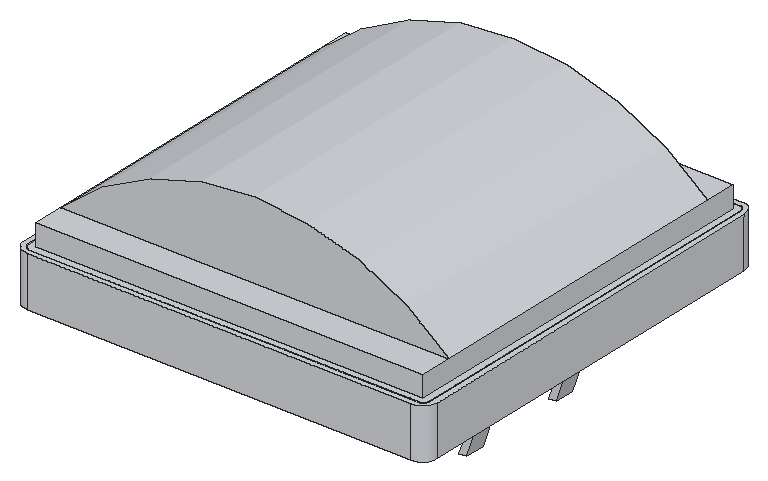
Revit family "Gira_537301", category Electrical Fixtures, host Face, Revit 2017
Family settings
  Host = Face
  Maintain Annotation Orientation = Yes
  Round Connector Dimension = Use Diameter
  Part Type = Normal
  Cut with Voids When Loaded = No
  Shared = No
  Room Calculation Point = No
Parameters (values of type "S3000 motion detec.top 1.10 m Standard System 55 cr.white")
  URL = "http://katalog.gira.de/en/datenblatt.html?artikelnr=537301"
  Name = "S3000 motion detec.top 1.10 m Standard System 55 cr.white"
  Model = "Movement sensor"
  Manufacturer URL = "https://www.gira.de/"
  Manufacturer = "Gira"
  Keynote = ""
  HeinzeBIM = "https://bimportal.heinze.de/bim/s3000-motion-detec-top-1-10-m-standard-system-55-cr-white/26d4d5a02e4f5e82d5c4e72b870cf16bca6f07e0"
  HAN = "537301"
  GTIN = "4010337049692"
  Description = "S3000 mot.det.top 1.10m Std Sys55 CW,System 3000 motion detector top unit 1.10 m Standard,System 55,cream white glossy,Features:,- Automatic switching of lighting, depending on the movement of heat and ambient brightness.,- Operation with System 3000 switching or dimming insert or 3-wire auxiliary insert.,- Expansion of the detection range in combination with the 3-wire auxiliary insert.,- Adjustable brightness threshold.,- Sensitivity adjustable in four steps.,- When connecting a System 3000 auxiliary insert with an operating top unit or mechanical button to the main unit, the lighting can be switched on or dimmed for the duration of the delay time.,With System 3000 dimming insert:,- Switch on with the last brightness set, or a saved switch-on brightness.,- The switch-on brightness can only be saved permanently via the System 3000 auxiliary insert with operating top unit.,,Notes :,- The detection range is aligned horizontally and when used outdoors may fail to identify a boundary. When installing outdoors, find an appropriate location or use the 2.20 m motion detector top unit."
  Default Elevation = 1219.2 mm
  Data sheet (1) = "https://katalog.gira.de/en/download.html?artikelnr=537301"
  Category = "Sensor element for movement sensor"
  BIM (1) = "https://media.stage.bim.site/public/gira/36a6b08/Bewegungsmelder_1,10m.rfa"
  Available = "No"
Reference planes
  plane 1 "Center (Front/Back)": y = 0
  plane 2: z = 0
  plane 3 "Center (Left/Right)": x = 0
Forms (mm)
  Extrusion 1, solid, detail levels fine
    sketch origin (0, 0, 0) x (1, 0, 0) y (0, 0, 1)
      loop
        line (-33.025, 12.126) -> (33.025, 12.126)
        arc (33.025, 12.126) -> (0, 25.3) -> (-33.025, 12.126) r 47.982
    from -27.6 to 27.6
  Extrusion 2, solid, detail levels fine
    sketch origin (0, 0, 0) x (1, 0, 0) y (0, 1, 0)
      loop
        line (33.025, 33.025) -> (-33.025, 33.025) -> (-33.025, -33.025) -> (33.025, -33.025) -> (33.025, 33.025)
    from 8.55 to 12.126
  Extrusion 3, solid, detail levels fine
    sketch origin (0, 0, 0) x (1, 0, 0) y (0, 1, 0)
      loop
        spline (-32.7, 35.2) -> (-33.027, 35.179) -> (-33.347, 35.115) -> (-33.657, 35.01) -> (-33.95, 34.865) -> (-34.222, 34.683) -> (-34.468, 34.468) -> (-34.683, 34.222) -> (-34.865, 33.95) -> (-35.01, 33.657) -> (-35.115, 33.347) -> (-35.179, 33.027) -> (-35.2, 32.7)
        line (-35.2, 32.7) -> (-35.2, -32.7)
        spline (-35.2, -32.7) -> (-35.179, -33.027) -> (-35.115, -33.347) -> (-35.01, -33.657) -> (-34.865, -33.95) -> (-34.683, -34.222) -> (-34.468, -34.468) -> (-34.222, -34.683) -> (-33.95, -34.865) -> (-33.657, -35.01) -> (-33.347, -35.115) -> (-33.027, -35.179) -> (-32.7, -35.2)
        line (-32.7, -35.2) -> (32.7, -35.2)
        spline (32.7, -35.2) -> (33.027, -35.179) -> (33.347, -35.115) -> (33.657, -35.01) -> (33.95, -34.865) -> (34.222, -34.683) -> (34.468, -34.468) -> (34.683, -34.222) -> (34.865, -33.95) -> (35.01, -33.657) -> (35.115, -33.347) -> (35.179, -33.027) -> (35.2, -32.7)
        line (35.2, -32.7) -> (35.2, 32.7)
        spline (35.2, 32.7) -> (35.179, 33.027) -> (35.115, 33.347) -> (35.01, 33.657) -> (34.865, 33.95) -> (34.683, 34.222) -> (34.468, 34.468) -> (34.222, 34.683) -> (33.95, 34.865) -> (33.657, 35.01) -> (33.347, 35.115) -> (33.027, 35.179) -> (32.7, 35.2)
        line (32.7, 35.2) -> (-32.7, 35.2)
      loop
        line (-34.2, 33.2) -> (-34.2, -33.2)
        spline (-34.2, -33.2) -> (-34.191, -33.331) -> (-34.166, -33.459) -> (-34.124, -33.583) -> (-34.066, -33.7) -> (-33.993, -33.809) -> (-33.907, -33.907) -> (-33.809, -33.993) -> (-33.7, -34.066) -> (-33.583, -34.124) -> (-33.459, -34.166) -> (-33.331, -34.191) -> (-33.2, -34.2)
        line (-33.2, -34.2) -> (33.2, -34.2)
        spline (33.2, -34.2) -> (33.331, -34.191) -> (33.459, -34.166) -> (33.583, -34.124) -> (33.7, -34.066) -> (33.809, -33.993) -> (33.907, -33.907) -> (33.993, -33.809) -> (34.066, -33.7) -> (34.124, -33.583) -> (34.166, -33.459) -> (34.191, -33.331) -> (34.2, -33.2)
        line (34.2, -33.2) -> (34.2, 33.2)
        spline (34.2, 33.2) -> (34.191, 33.331) -> (34.166, 33.459) -> (34.124, 33.583) -> (34.066, 33.7) -> (33.993, 33.809) -> (33.907, 33.907) -> (33.809, 33.993) -> (33.7, 34.066) -> (33.583, 34.124) -> (33.459, 34.166) -> (33.331, 34.191) -> (33.2, 34.2)
        line (33.2, 34.2) -> (-33.2, 34.2)
        spline (-33.2, 34.2) -> (-33.331, 34.191) -> (-33.459, 34.166) -> (-33.583, 34.124) -> (-33.7, 34.066) -> (-33.809, 33.993) -> (-33.907, 33.907) -> (-33.993, 33.809) -> (-34.066, 33.7) -> (-34.124, 33.583) -> (-34.166, 33.459) -> (-34.191, 33.331) -> (-34.2, 33.2)
    from 0 to 8.55
  Extrusion 4, solid, detail levels fine
    sketch origin (0, 0, 0) x (1, 0, 0) y (0, 1, 0)
      loop
        line (-34.2, 33.2) -> (-34.2, -33.2)
        spline (-34.2, -33.2) -> (-34.191, -33.331) -> (-34.166, -33.459) -> (-34.124, -33.583) -> (-34.066, -33.7) -> (-33.993, -33.809) -> (-33.907, -33.907) -> (-33.809, -33.993) -> (-33.7, -34.066) -> (-33.583, -34.124) -> (-33.459, -34.166) -> (-33.331, -34.191) -> (-33.2, -34.2)
        line (-33.2, -34.2) -> (33.2, -34.2)
        spline (33.2, -34.2) -> (33.331, -34.191) -> (33.459, -34.166) -> (33.583, -34.124) -> (33.7, -34.066) -> (33.809, -33.993) -> (33.907, -33.907) -> (33.993, -33.809) -> (34.066, -33.7) -> (34.124, -33.583) -> (34.166, -33.459) -> (34.191, -33.331) -> (34.2, -33.2)
        line (34.2, -33.2) -> (34.2, 33.2)
        spline (34.2, 33.2) -> (34.191, 33.331) -> (34.166, 33.459) -> (34.124, 33.583) -> (34.066, 33.7) -> (33.993, 33.809) -> (33.907, 33.907) -> (33.809, 33.993) -> (33.7, 34.066) -> (33.583, 34.124) -> (33.459, 34.166) -> (33.331, 34.191) -> (33.2, 34.2)
        line (33.2, 34.2) -> (-33.2, 34.2)
        spline (-33.2, 34.2) -> (-33.331, 34.191) -> (-33.459, 34.166) -> (-33.583, 34.124) -> (-33.7, 34.066) -> (-33.809, 33.993) -> (-33.907, 33.907) -> (-33.993, 33.809) -> (-34.066, 33.7) -> (-34.124, 33.583) -> (-34.166, 33.459) -> (-34.191, 33.331) -> (-34.2, 33.2)
    from 6.175 to 8.55
  Extrusion 5, solid, detail levels fine
    sketch origin (0, 0, 0) x (1, 0, 0) y (0, 1, 0)
      loop
        spline (-27.7, -27.1) -> (-27.696, -27.165) -> (-27.683, -27.229) -> (-27.662, -27.291) -> (-27.633, -27.35) -> (-27.597, -27.404) -> (-27.554, -27.454) -> (-27.504, -27.497) -> (-27.45, -27.533) -> (-27.391, -27.562) -> (-27.329, -27.583) -> (-27.265, -27.596) -> (-27.2, -27.6)
        line (-27.2, -27.6) -> (27.2, -27.6)
        spline (27.2, -27.6) -> (27.265, -27.596) -> (27.329, -27.583) -> (27.391, -27.562) -> (27.45, -27.533) -> (27.504, -27.497) -> (27.554, -27.454) -> (27.597, -27.404) -> (27.633, -27.35) -> (27.662, -27.291) -> (27.683, -27.229) -> (27.696, -27.165) -> (27.7, -27.1)
        line (27.7, -27.1) -> (27.7, 27.1)
        spline (27.7, 27.1) -> (27.696, 27.165) -> (27.683, 27.229) -> (27.662, 27.291) -> (27.633, 27.35) -> (27.597, 27.404) -> (27.554, 27.454) -> (27.504, 27.497) -> (27.45, 27.533) -> (27.391, 27.562) -> (27.329, 27.583) -> (27.265, 27.596) -> (27.2, 27.6)
        line (27.2, 27.6) -> (-27.2, 27.6)
        spline (-27.2, 27.6) -> (-27.265, 27.596) -> (-27.329, 27.583) -> (-27.391, 27.562) -> (-27.45, 27.533) -> (-27.504, 27.497) -> (-27.554, 27.454) -> (-27.597, 27.404) -> (-27.633, 27.35) -> (-27.662, 27.291) -> (-27.683, 27.229) -> (-27.696, 27.165) -> (-27.7, 27.1)
        line (-27.7, 27.1) -> (-27.7, -27.1)
      loop
        line (26.9, 26.8) -> (-26.9, 26.8) -> (-26.9, -26.8) -> (26.9, -26.8) -> (26.9, 26.8)
    from 0 to 6.175
  Extrusion 6, solid, detail levels fine
    sketch origin (0, 0, 0) x (1, 0, 0) y (0, 1, 0)
      loop
        line (-15.4, -23.928) -> (15.4, -23.928)
        arc (15.4, -23.928) -> (21.43, -21.43) -> (23.928, -15.4) r 8.528
        line (23.928, -15.4) -> (23.928, 15.4)
        arc (23.928, 15.4) -> (21.43, 21.43) -> (15.4, 23.928) r 8.528
        line (15.4, 23.928) -> (-15.4, 23.928)
        arc (-15.4, 23.928) -> (-21.43, 21.43) -> (-23.928, 15.4) r 8.528
        line (-23.928, 15.4) -> (-23.928, -15.4)
        arc (-23.928, -15.4) -> (-21.43, -21.43) -> (-15.4, -23.928) r 8.528
    from -0.985 to 1.6
  Extrusion 7, solid, detail levels fine
    sketch origin (0, 0, 0) x (1, 0, 0) y (0, 1, 0)
      loop
        line (-26.35, 18.301) -> (-26.35, -18.801)
        spline (-26.35, -18.801) -> (-26.286, -19.78) -> (-26.095, -20.742) -> (-25.779, -21.671) -> (-25.345, -22.551) -> (-24.8, -23.366) -> (-24.154, -24.104) -> (-23.416, -24.75) -> (-22.601, -25.295) -> (-21.721, -25.729) -> (-20.792, -26.045) -> (-19.83, -26.236) -> (-18.851, -26.3)
        line (-18.851, -26.3) -> (18.851, -26.3)
        spline (18.851, -26.3) -> (19.83, -26.236) -> (20.792, -26.045) -> (21.721, -25.729) -> (22.601, -25.295) -> (23.416, -24.75) -> (24.154, -24.104) -> (24.8, -23.366) -> (25.345, -22.551) -> (25.779, -21.671) -> (26.094, -20.742) -> (26.286, -19.78) -> (26.35, -18.801)
        line (26.35, -18.801) -> (26.35, 18.301)
        spline (26.35, 18.301) -> (26.286, 19.28) -> (26.094, 20.242) -> (25.779, 21.171) -> (25.345, 22.051) -> (24.8, 22.866) -> (24.154, 23.604) -> (23.416, 24.25) -> (22.601, 24.795) -> (21.721, 25.229) -> (20.792, 25.545) -> (19.83, 25.736) -> (18.851, 25.8)
        line (18.851, 25.8) -> (-18.851, 25.8)
        spline (-18.851, 25.8) -> (-19.83, 25.736) -> (-20.792, 25.545) -> (-21.721, 25.229) -> (-22.601, 24.795) -> (-23.416, 24.25) -> (-24.154, 23.604) -> (-24.8, 22.866) -> (-25.345, 22.051) -> (-25.779, 21.171) -> (-26.095, 20.242) -> (-26.286, 19.28) -> (-26.35, 18.301)
    from 1.6 to 6.1
  Extrusion 8, solid, detail levels fine
    sketch origin (0, 0, 0) x (1, 0, 0) y (0, 0, 1)
      loop
        line (-23.048, -13.343) -> (-21.665, -13.513) -> (-24.338, -6.363) -> (-23.36, 1.6) -> (-25.023, 1.6) -> (-24.975, -1.121) -> (-25.39, -6.541) -> (-23.048, -13.343)
      loop
        line (23.048, -13.343) -> (25.39, -6.541) -> (24.975, -1.121) -> (25.023, 1.6) -> (23.36, 1.6) -> (24.338, -6.363) -> (21.665, -13.513) -> (23.048, -13.343)
    from 7.9 to 11.14
  Extrusion 9, solid, detail levels fine
    sketch origin (0, 0, 0) x (1, 0, 0) y (0, 0, -1)
      loop
        line (-23.048, 13.343) -> (-25.39, 6.541) -> (-24.975, 1.121) -> (-25.023, -1.6) -> (-23.36, -1.6) -> (-24.338, 6.363) -> (-21.665, 13.513) -> (-23.048, 13.343)
      loop
        line (23.048, 13.343) -> (21.665, 13.513) -> (24.338, 6.363) -> (23.36, -1.6) -> (25.023, -1.6) -> (24.975, 1.121) -> (25.39, 6.541) -> (23.048, 13.343)
    from 7.9 to 11.14
  Extrusion 10, solid, detail levels fine
    sketch origin (0, 0, 0) x (1, 0, 0) y (0, 1, 0)
      loop
        line (-5.141, 20.681) -> (-5.141, 15.099)
        spline (-5.141, 15.099) -> (-5.133, 14.968) -> (-5.107, 14.84) -> (-5.065, 14.716) -> (-5.007, 14.599) -> (-4.935, 14.49) -> (-4.849, 14.391) -> (-4.75, 14.305) -> (-4.641, 14.233) -> (-4.524, 14.175) -> (-4.4, 14.133) -> (-4.272, 14.107) -> (-4.141, 14.099)
        line (-4.141, 14.099) -> (4.141, 14.099)
        spline (4.141, 14.099) -> (4.272, 14.107) -> (4.4, 14.133) -> (4.524, 14.175) -> (4.641, 14.233) -> (4.75, 14.305) -> (4.849, 14.391) -> (4.935, 14.49) -> (5.007, 14.599) -> (5.065, 14.716) -> (5.107, 14.84) -> (5.133, 14.968) -> (5.141, 15.099)
        line (5.141, 15.099) -> (5.141, 20.681)
        spline (5.141, 20.681) -> (5.133, 20.812) -> (5.107, 20.94) -> (5.065, 21.064) -> (5.007, 21.181) -> (4.935, 21.29) -> (4.849, 21.389) -> (4.75, 21.475) -> (4.641, 21.547) -> (4.524, 21.605) -> (4.4, 21.647) -> (4.272, 21.673) -> (4.141, 21.681)
        line (4.141, 21.681) -> (-4.141, 21.681)
        spline (-4.141, 21.681) -> (-4.272, 21.673) -> (-4.4, 21.647) -> (-4.524, 21.605) -> (-4.641, 21.547) -> (-4.75, 21.475) -> (-4.849, 21.389) -> (-4.935, 21.29) -> (-5.007, 21.181) -> (-5.065, 21.064) -> (-5.107, 20.94) -> (-5.133, 20.812) -> (-5.141, 20.681)
    from -17.3 to -0.985
  Extrusion 11, solid, detail levels medium
    sketch origin (0, 0, 0) x (1, 0, 0) y (0, 1, 0)
      loop
        line (33.025, 33.025) -> (-33.025, 33.025) -> (-33.025, -33.025) -> (33.025, -33.025) -> (33.025, 33.025)
    from 8.55 to 25.3
  Extrusion 12, solid, detail levels medium
    sketch origin (0, 0, 0) x (1, 0, 0) y (0, 1, 0)
      loop
        line (-35.2, 35.2) -> (-35.2, -35.2) -> (35.2, -35.2) -> (35.2, 35.2) -> (-35.2, 35.2)
    from 0 to 8.55
  Extrusion 13, solid, detail levels medium
    sketch origin (0, 0, 0) x (1, 0, 0) y (0, 0, 1)
      loop
        line (-25.023, 1.6) -> (-25.023, -13.1) -> (-21.665, -13.513) -> (-21.665, 1.6) -> (-25.023, 1.6)
      loop
        line (25.023, 1.6) -> (21.665, 1.6) -> (21.665, -13.513) -> (25.023, -13.1) -> (25.023, 1.6)
    from 8 to 11.14
  Extrusion 14, solid, detail levels medium
    sketch origin (0, 0, 0) x (1, 0, 0) y (0, 0, -1)
      loop
        line (-25.023, -1.6) -> (-21.665, -1.6) -> (-21.665, 13.513) -> (-25.023, 13.1) -> (-25.023, -1.6)
      loop
        line (25.023, -1.6) -> (25.023, 13.1) -> (21.665, 13.513) -> (21.665, -1.6) -> (25.023, -1.6)
    from 8 to 11.14
  Extrusion 15, solid, detail levels medium
    sketch origin (0, 0, 0) x (1, 0, 0) y (0, 1, 0)
      loop
        line (-5.141, 21.681) -> (-5.141, 14.099) -> (5.141, 14.099) -> (5.141, 21.681) -> (-5.141, 21.681)
    from -17.3 to -0.985
  Extrusion 16, solid, detail levels coarse
    sketch origin (0, 0, 0) x (1, 0, 0) y (0, 1, 0)
      loop
        line (-35.2, 35.2) -> (-35.2, -35.2) -> (35.2, -35.2) -> (35.2, 35.2) -> (-35.2, 35.2)
    from -17.3 to 25.3
Dimensions and locks
  aligned and locked: plane 2 to host face
  aligned and locked: level to host face
  aligned and locked: nested 1 to plane 3 "Center (Left/Right)"
  aligned and locked: plane 1 "Center (Front/Back)" to nested 1
Nested families
  nested 1: "Belegungssensor - Bewegung - Aufputz - Beschriftung" at (0, 0, 0) x (0, -1, 0) z (0, 0, 1), type "Belegungssensor - Bewegung - Aufputz - Beschriftung"
Connectors
  electrical at (0, 0, -17.3)
    settings: on Extrusion 16, index 1, voltage 220 V, apparent load 0 VA, apparent load phase1 0 VA, apparent load phase2 0 VA, apparent load phase3 0 VA, power factor 1, load classification "Other", number of poles 1, system type 30, power factor state 1, is connector primary yes, connector utility no, sub classification motor no, connector description ""
Definition of nested family "Belegungssensor - Bewegung - Aufputz - Beschriftung"
  Reference planes
    plane 1: y = 0
    plane 2: x = 0
  Lines and regions (mm)
    Filled region 1, type "Gefüllter Bereich 1"
      outline origin (143.425, -20.712, 0) x (1, 0, 0) y (0, 1, 0)
        loop
          line (-148.697, 21.204) -> (-148.697, 20.409) -> (-147.583, 20.807) -> (-148.697, 21.204)
    Filled region 2, type "Gefüllter Bereich 1"
      outline origin (141.808, 30.001, 0) x (0.939693, 0.34202, 0) y (-0.34202, 0.939693, 0)
        loop
          line (-148.694, 21.203) -> (-148.694, 20.41) -> (-147.583, 20.807) -> (-148.694, 21.203)
    Filled region 3, type "Gefüllter Bereich 1"
      outline origin (141.819, -29.825, 0) x (-0.34202, -0.939693, 0) y (0.939693, -0.34202, 0)
        loop
          line (21.204, -148.697) -> (20.807, -147.583) -> (20.409, -148.697) -> (21.204, -148.697)
    detail lines
      curve 1: line (-1.207, 0.095, 0) -> (-3.486, 1.411, 0)
      curve 2: line (-1.207, 0.095, 0) -> (-3.486, -1.221, 0)
      curve 5: arc (-3.252, 1.752, 0) -> (-3.839, 0.095, 0) -> (-3.252, -1.562, 0) r 2.632
      curve 6: line (-6, 3, 0) -> (0, 3, 0)
      curve 7: line (-6, -3, 0) -> (-6, 3, 0)
      curve 8: line (0, -3, 0) -> (-6, -3, 0)
      curve 9: line (0, 3, 0) -> (0, -3, 0)
    reference lines
      curve 3: line (-1.207, 0.095, 0) -> (-3.616, 2.046, 0)
      curve 4: line (-1.207, 0.095, 0) -> (-3.616, -1.856, 0)
  Dimensions and locks
    curve 1 to curve 1 = 2.632 mm
    curve 2 to curve 2 = 2.632 mm
    curve 6 to curve 8 = 6 mm
    curve 7 to curve 9 = 6 mm
    angle curve 1 to curve 2 = 60.00°
    aligned and locked: curve 6 to curve 7
    aligned and locked: curve 9 to curve 9
